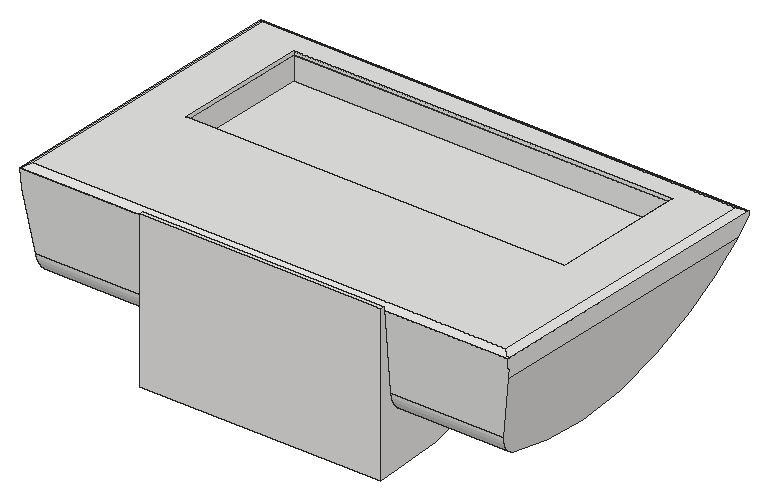
Revit family "WD2M-Up", category Lighting Fixtures, host Wall, Revit 2021
Family settings
  Host = Wall
  Round Connector Dimension = Use Diameter
  Part Type = Normal
  OmniClass Number = 23.80.70.14.11.17
  OmniClass Title = Wall or Ceiling Mounted External Lighting
  Always vertical = No
  Cut with Voids When Loaded = No
  Light Source = Yes
  Shared = Yes
  Room Calculation Point = No
Parameters (values of type "WDM-U-48L-104-3K7-FTD")
  Watts = 104 W
  Wattage Comments = "55,65,85,105&130W"  # constant formula
  Wattage = 104 W
  built-in parameter 1150110 = 1 (stored number, unit not read)
  Voltage = 120 V
  URL = "https://www.currentlighting.com/kimlighting"
  Type Comments = "Lighting Fixture"  # constant formula
  built-in parameter 1114217 = 1 (stored number, unit not read)
  Tilt Angle = 90.00°
  built-in parameter 1150109 = 1 (stored number, unit not read)
  built-in parameter 1150134 = (empty or 0)
  built-in parameter 1150113 = 1 (stored number, unit not read)
  Series = "Wall Director"  # constant formula
  Product Page URL = ""
  Product Documentation Link = ""
  Power Factor = 1  # constant formula
  Photometric Web File = "WDM-D-48L-104-3K7-FTD.IES"
  Photometric Notes = "More IES files download on Photometric Web Link"  # constant formula
  OmniClass Title = "Wall or Ceiling Mounted External Lighting"  # constant formula
  OmniClass Number = "23-80 70 14 11 17"  # constant formula
  Number of Poles = 1
  Note Visible = yes
  Note Text = "LF"  # constant formula
  Mounting Height = 108.00"
  Model = "WD2M-Up"  # constant formula
  MasterFormat Title = "Parking Lighting, Site Lighting"  # constant formula
  Manufacturer = "Kim Lighting"  # constant formula
  Lumens = 10712 lm
  built-in parameter 1150115 = 1 (stored number, unit not read)
  built-in parameter 1150105 = 2841.2 (stored number, unit not read)
  Load Classification = Lighting
  built-in parameter 1150137 = (empty or 0)
  built-in parameter 1150139 = (empty or 0)
  Light Engine = "3000K/70CRI"
  built-in parameter 1150112 = 1 (stored number, unit not read)
  built-in parameter 1150114 = 1 (stored number, unit not read)
  Lamp = "48 LEDs"  # constant formula
  built-in parameter 1150132 = (empty or 0)
  built-in parameter 1150102 = (empty or 0)
  built-in parameter 1150138 = (empty or 0)
  built-in parameter 1150107 = 3000 (stored number, unit not read)
  built-in parameter 1150106 = 28.412 (stored number, unit not read)
  Emit from Rectangle Width = 14.00"  # constant formula
  Emit from Rectangle Length = 5.00"  # constant formula
  Emit Shape Visible in Rendering = no
  built-in parameter 1150104 = 9.569 (stored number, unit not read)
  Distribution = "Forward Throw Diffuse"
  Dimming Lamp Color Temperature Shift = <None>
  Description = "Wall Mounted Luminaire"  # constant formula
  Default Elevation = 0.00"
  Colour Option = WD : White
  Color Filter = 16777215
  built-in parameter 1114218 = 1 (stored number, unit not read)
  built-in parameter 1150133 = 10 (stored number, unit not read)
  Assembly Code = "D5020200"
  Apparent Load = 0 VA
Types (7): name | Watts | Wattage | built-in parameter 1150134 | Photometric Web File | Lumens | built-in parameter 1150105 | Light Engine | built-in parameter 1150107 | built-in parameter 1150106 | built-in parameter 1150104 | Distribution
  (no name) | 104 W | 104 W | (empty or 0) | "WDM-D-48L-104-3K7-FTD.IES" | 10712 lm | 2841.2 (stored number, unit not read) | "3000K/70CRI" | 3000 (stored number, unit not read) | 28.412 (stored number, unit not read) | 9.569 (stored number, unit not read) | "Forward Throw Diffuse"
  WDM-U-48L-88-3K7-WG | 88 W | 88 W | (empty or 0) | "WDM-D-48L-88-3K7-WG.IES" | 10736 lm | 854.34 (stored number, unit not read) | "3000K/70CRI" | 3000 (stored number, unit not read) | 8.5434 (stored number, unit not read) | 11.334 (stored number, unit not read) | "Wall Graze"
  WDM-U-48L-68-3K7-SP | 68 W | 68 W | (empty or 0) | "WDM-D-48L-68-3K7-SP.IES" | 9316 lm | 741.34 (stored number, unit not read) | "3000K/70CRI" | 3000 (stored number, unit not read) | 7.4134 (stored number, unit not read) | 12.728 (stored number, unit not read) | "Spot/Column"
  WDM-U-48L-55-4K7-FTD | 54 W | 54 W | 12 | "WDM-D-48L-55-4K7-FTD.IES" | 6048 lm | 1604.2 (stored number, unit not read) | "4000K/70CRI" | 4000 (stored number, unit not read) | 16.042 (stored number, unit not read) | 10.405 (stored number, unit not read) | "Forward Throw Diffuse"
  WDM-U-48L-131-4K7-1 | 131 W | 131 W | 12 | "WDM-D-48L-131-4K7-1.IES" | 15720 lm | 4169.5 (stored number, unit not read) | "4000K/70CRI" | 4000 (stored number, unit not read) | 41.695 (stored number, unit not read) | 11.148 (stored number, unit not read) | "Type I"
  WDM-U-48L-104-3K7-FTD | 104 W | 104 W | (empty or 0) | "WDM-D-48L-104-3K7-FTD.IES" | 10712 lm | 2841.2 (stored number, unit not read) | "3000K/70CRI" | 3000 (stored number, unit not read) | 28.412 (stored number, unit not read) | 9.569 (stored number, unit not read) | "Forward Throw Diffuse"
  WDM-U-48L-104-5K7-4W | 104 W | 104 W | 2 | "WDM-D-48L-104-5K7-4W.IES" | 12272 lm | 3255 (stored number, unit not read) | "5000K/70CRI" | 5000 (stored number, unit not read) | 32.55 (stored number, unit not read) | 10.963 (stored number, unit not read) | "Type IV Wide"
Reference planes (in)
  plane 1: y = 0
  plane 2 "Light Source Axis (F/B)": y = 10.8
  plane 3 "Light Source Axis (L/R)": x = -1.43133
  plane 4 "Light Source Elevation": z = 110.25
  plane 5 "Back": y = 3
  plane 6: z = 0
  plane 7: z = 108
Text (in)
  text "Placement Side" at (0, 30.98322, 113.37339), in view "Right"
  text "Placement Side" at (-61.11156, 46.17328, 0), in view "Ref. Level"
  text "Placement Side" at (0, 49.33155, 111.53661), in view "Left"
Dimensions and locks (in)
  locked: plane 5 "Back" to host wall
  plane 6 to plane 4 "Light Source Elevation" = 110.25"
  plane 2 "Light Source Axis (F/B)" to plane 5 "Back" = 7.80"
  locked: plane 7 to plane 4 "Light Source Elevation" at 2.25
  "Mounting Height": plane 6 to plane 7
  aligned and locked: plane 3 "Light Source Axis (L/R)" to nested 1
  aligned and locked: nested 1 to plane 7
  aligned and locked: imposter light to plane 3 "Light Source Axis (L/R)"
  aligned and locked: imposter light to plane 4 "Light Source Elevation"
Nested families (in)
  nested 1: "WD" at (-1.43133, 3, 108) x (1, 0, 0) z (0, 1, 0), type "Platinum Silver"
Connectors (in)
  electrical at (-1.43133, 3, 108), driven by "Load Classification", driven by "Voltage", driven by "Apparent Load", driven by "Power Factor"
    settings: on nested 1, index 1, voltage 120 V, apparent load 0 VA, apparent load phase1 0 VA, apparent load phase2 0 VA, apparent load phase3 0 VA, power factor 1, load classification "Lighting", number of poles 1, system type 30, power factor state 1, is connector primary yes, connector utility no, sub classification motor no, connector description "Lighting Connector"
Definition of nested family "WD"
  Parameters
    Material Finish = none
    Glass = none
    Default Elevation = 48.00"
  Reference planes (in)
    plane 1 "Center (Front/Back)": y = 0
    plane 2: z = 0
    plane 3 "Center (Left/Right)": x = 0
    plane 4: x = -9
    plane 5: x = 9
    plane 6: y = 2.85
    plane 7: y = -2.85
    plane 8: y = -2.725
    plane 9: z = 11.3
    plane 10: x = -4.45
    plane 11: x = 4.45
    plane 12: z = 10.3
    plane 13: z = 5.3
    plane 14: x = -7
    plane 15: x = 7
    plane 16: y = -1.85
    plane 17: through (-9, -2.025, 48) normal (-0.9877, 0.1564, 0)
    plane 18: through (9, -2.025, 48) normal (-0.9877, -0.1564, 0)
  Forms (in)
    Extrusion 1, solid, material <- "Material Finish"
      sketch origin (0, 0, 0) x (0, 1, 0) y (0, 0, 1)
        loop
          line (-2.725, 0.16693) -> (0.1471, 0.44164)
          arc (0.1471, 0.44164) -> (0.61316, 0.631) -> (0.89874, 1.04514) r 0.87792
          arc (0.89874, 1.04514) -> (1.22413, 5.14012) -> (-0.33139, 8.9421) r 8.86465
          arc (-0.33139, 8.9421) -> (-1.38085, 10.20288) -> (-2.60039, 11.3) r 11.40102
          line (-2.60039, 11.3) -> (-2.725, 11.3) -> (-2.725, 0.16693)
      from -9 to 9
    Extrusion 2, solid, material <- "Material Finish"
      sketch origin (0, 0, 0) x (0, 1, 0) y (0, 0, 1)
        loop
          line (-2.85, 0) -> (2.85, 0)
          arc (2.85, 0) -> (2.02383, 5.052) -> (-0.68128, 9.398) r 13.05555
          arc (-0.68128, 9.398) -> (1.1753, 5.42332) -> (0.89874, 1.04514) r 8.86465
          arc (0.89874, 1.04514) -> (0.61316, 0.631) -> (0.1471, 0.44164) r 0.87792
          line (0.1471, 0.44164) -> (-2.85, 0.15497) -> (-2.85, 0)
      from -4.45 to 4.45
    Extrusion 3, void
      sketch origin (0, 0, 0) x (1, 0, 0) y (0, 1, 0)
        loop
          line (-9, -2.025) -> (-8.22788, 2.85) -> (-9, 2.85) -> (-9, -2.025)
        loop
          line (9, -2.025) -> (9, 2.85) -> (8.22788, 2.85) -> (9, -2.025)
      from 0 to 11.3
    Blend 4, solid, material <- "Material Finish"
      base sketch origin (0, 0, 0) x (1, 0, 0) y (0, 0, 1)
        loop
          line (-9, 11.3) -> (-9, 0.17032) -> (9, 0.17032) -> (9, 11.3) -> (-9, 11.3)
      top sketch origin (0, 0, 0) x (1, 0, 0) y (0, 0, 1)
        loop
          line (-8.73026, 11.05) -> (-8.73026, 0.42032) -> (8.75, 0.42032) -> (8.75, 11.05) -> (-8.73026, 11.05)
      from 2.725 to 2.85
    Extrusion 5, void
      sketch origin (0, 0, 0) x (1, 0, 0) y (0, 0, 1)
        loop
          line (-7, 10.3) -> (-7, 5.3) -> (7, 5.3) -> (7, 10.3) -> (-7, 10.3)
      from 1.85 to 2.85
    Extrusion 6, solid, material <- "Glass"
      sketch origin (0, 0, 0) x (1, 0, 0) y (0, 0, 1)
        loop
          line (-7, 10.3) -> (-7, 5.3) -> (7, 5.3) -> (7, 10.3) -> (-7, 10.3)
      from 2.725 to 2.85
  Cuts and joins
    Extrusion 3, Extrusion 5 cuts Extrusion 1
    Extrusion 5 cuts Blend 4
  Dimensions and locks (in)
    equal spacing: plane 4, plane 3 "Center (Left/Right)", plane 5
    plane 4 to plane 5 = 18.00"
    equal spacing: plane 6, plane 1 "Center (Front/Back)", plane 7
    locked: plane 6 to plane 7 at 5.7
    locked: plane 8 to plane 7 at 0.125
    plane 9 to plane 2 = 11.30"
    equal spacing: plane 10, plane 3 "Center (Left/Right)", plane 11
    locked: plane 9 to plane 12 at 1
    locked: plane 12 to plane 13 at 5
    locked: plane 14 to plane 4 at 2
    locked: plane 5 to plane 15 at 2
    locked: plane 16 to plane 7 at 1
    locked: plane 10 to plane 11 at 8.9
    angle plane 17 to plane 4 = 9.00°
    angle plane 5 to plane 18 = 9.00°
    aligned and locked: plane 2 to level
    aligned and locked: Extrusion 2 sketch curve to plane 7
    aligned and locked: plane 2 to Extrusion 2 sketch curve
    aligned and locked: Extrusion 1 to plane 4
    aligned and locked: plane 5 to Extrusion 1
    aligned and locked: Extrusion 2 to plane 10
    aligned and locked: Extrusion 2 to plane 11
    aligned and locked: plane 6 to Extrusion 3 sketch curve
    aligned and locked: Extrusion 3 sketch curve to plane 4
    aligned and locked: Extrusion 3 sketch curve to plane 6
    aligned and locked: Extrusion 3 sketch curve to plane 5
    aligned and locked: plane 9 to Extrusion 3
    aligned and locked: Extrusion 3 to plane 2
    aligned and locked: Blend 4 sketch curve to cut or joined group of Extrusion 1, Extrusion 3, Extrusion 5
    aligned and locked: plane 8 to Blend 4
    aligned and locked: Blend 4 to plane 7
    aligned and locked: Extrusion 5 sketch curve to plane 12
    aligned and locked: plane 14 to Extrusion 5 sketch curve
    aligned and locked: plane 13 to Extrusion 5 sketch curve
    aligned and locked: Extrusion 5 sketch curve to plane 15
    aligned and locked: Extrusion 5 to plane 7
    aligned and locked: plane 16 to Extrusion 5
    aligned and locked: Extrusion 6 sketch curve to cut or joined group of Extrusion 1, Extrusion 3, Extrusion 5  (x4)
    aligned and locked: plane 8 to Extrusion 6
    aligned and locked: Extrusion 6 to plane 7
    aligned and locked: Extrusion 3 sketch curve to plane 17
    aligned and locked: Extrusion 3 sketch curve to plane 18
  Automatic sketch dimensions
    plane 4 to Blend 4 sketch curve = 0.26974"
    Blend 4 sketch curve to plane 5 = 0.25"
    level to Blend 4 sketch curve = 0.42032"
    Blend 4 sketch curve to plane 9 = 0.25"
    Extrusion 2 sketch curve to plane 6 = 0.00"
    level to Extrusion 2 sketch curve = 0.45988"
    Extrusion 2 sketch curve to Extrusion 2 sketch curve = 0.15497"
    level to Extrusion 2 sketch curve = 0.44164"
    Extrusion 1 sketch curve to plane 8 = 0.00"
    Extrusion 1 sketch curve to plane 9 = 0.00"
    Extrusion 1 sketch curve to plane 7 = 4.68489"
    Extrusion 1 sketch curve to Extrusion 1 sketch curve = 2.06107"
    Extrusion 1 sketch curve to Extrusion 1 sketch curve = 0.12461"
    Extrusion 1 sketch curve to plane 1 "Center (Front/Back)" = 0.06351"
    Extrusion 1 sketch curve to plane 1 "Center (Front/Back)" = 0.1471"
    level to Extrusion 1 sketch curve = 3.77571"
    level to Extrusion 1 sketch curve = 2.29749"
    level to Extrusion 1 sketch curve = 1.31557"
    level to Extrusion 1 sketch curve = 0.44164"
    level to Extrusion 1 sketch curve = 0.16693"
    Extrusion 1 sketch curve to Extrusion 1 sketch curve = 0.00"
    Blend 4 sketch curve to plane 4 = 0.00"
    Blend 4 sketch curve to plane 5 = 0.00"
    level to Blend 4 sketch curve = 0.17032"
    Extrusion 2 sketch curve to plane 1 "Center (Front/Back)" = 0.06351"
    Extrusion 2 sketch curve to Extrusion 2 sketch curve = 0.87393"
    Extrusion 2 sketch curve to plane 1 "Center (Front/Back)" = 0.1471"
    Extrusion 2 sketch curve to Extrusion 2 sketch curve = 0.75164"
    level to Extrusion 2 sketch curve = 3.77571"
    plane 1 "Center (Front/Back)" to Extrusion 2 sketch curve = 0.68128"
    Extrusion 2 sketch curve to Extrusion 2 sketch curve = 0.00"
